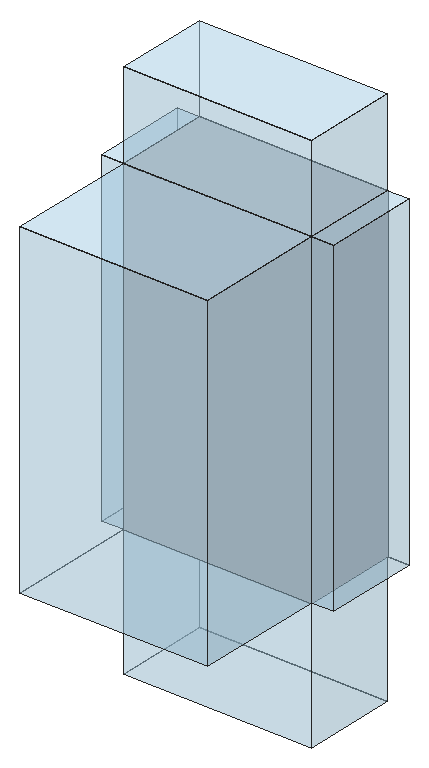
Revit family "Evoflat Reno_RFA", category Mechanical Equipment, Revit 2019
Family settings
  Round Connector Dimension = Use Diameter
  Part Type = Normal
  OmniClass Number = 23.75.00.00
  OmniClass Title = Climate Control (HVAC)
  Work Plane-Based = No
  Always vertical = Yes
  Cut with Voids When Loaded = No
  Shared = No
  Room Calculation Point = No
Parameters (values of type "Evoflat Reno Type 1 230V_145B4102")
  W_2 = W / 2  # 110 mm
  W = 220 mm
  URL = "https://store.danfoss.com/en/Climate-Solutions-for-heating/Stations/Direct-Heating-and-Domestic-Hot-Water/c/4055?q=%3Arelevance%3Adanfoss_producttypehierarchydesc%3Ab21c923435e1ffe8e10bcd1a4ce386e2855a2143&text="
  Type Image = <None>
  Type Comments = ""
  Pressure Drop (HE) [instance] = 0.0 Pa
  Pressure Drop (DH) [instance] = 0.0 Pa
  Model = "145B4102"
  Manufacturer = "Danfoss"  # constant formula
  Maintainance Zone Top Visibility [instance] = yes
  Maintainance Zone Right Visibility [instance] = yes
  Maintainance Zone Left Visibility [instance] = yes
  Maintainance Zone Front Visibility [instance] = yes
  Maintainance Zone Bottom Visibility [instance] = yes
  L_2 = 217.5 mm
  L2 = 65 mm
  L1 = 42.5 mm
  H_2 = 380 mm
  OD_2 = 15.5 mm
  Flow (HE) [instance] = 0.0 L/s
  Flow (DH) [instance] = 0.0 L/s
  Description = "Evoflat Reno Type 1 230V"
  DCW Flow [instance] = 0.0 L/s
  D = 20 mm
  Con_Angle = 45.00°
  Clearance Zone Top Depth [instance] = 200 mm
  Clearance Zone Front Depth [instance] = 300 mm
  Cleanrance Zone Left/Right Depth [instance] = 50 mm
  Cleanrance Zone Bottom Depth [instance] = 300 mm
  Assembly Code = ""
Types (15, lengths in mm): name | Type Image | Model | Description
  Evoflat Reno Type 1 230V_145B4102 | <None> | "145B4102" | "Evoflat Reno Type 1 230V"
  Evoflat Reno Type 2 230V_145B4103 | Evoflat Reno image.jpg | "145B4103" | "Evoflat Reno Type 2 230V"
  Evoflat Reno Type 3 230V_145B4104 | <None> | "145B4104" | "Evoflat Reno Type 3 230V"
  Evoflat Reno Type 1StS 230V_145B4105 | <None> | "145B4105" | "Evoflat Reno Type 1StS 230V"
  Evoflat Reno Type 2StS 230V_145B4106 | <None> | "145B4106" | "Evoflat Reno Type 2StS 230V"
  Evoflat Reno Type 3StS 230V_145B4107 | <None> | "145B4107" | "Evoflat Reno Type 3StS 230V"
  Evoflat Reno Type 1 24V_145B4108 | <None> | "145B4108" | "Evoflat Reno Type 1 24V"
  Evoflat Reno Type 2 24V_145B4109 | <None> | "145B4109" | "Evoflat Reno Type 2 24V"
  Evoflat Reno Type 3 24V_145B4110 | <None> | "145B4110" | "Evoflat Reno Type 3 24V"
  Evoflat Reno Type 1StS 24V_145B4111 | <None> | "145B4111" | "Evoflat Reno Type 1StS 24V"
  Evoflat Reno Type 2StS 24V_145B4112 | <None> | "145B4112" | "Evoflat Reno Type 2StS 24V"
  Evoflat Reno Type 3StS 24V_145B4113 | <None> | "145B4113" | "Evoflat Reno Type 3StS 24V"
  Evoflat Reno Type 1 230V_TWA_BP_145B4120 | <None> | "145B4120" | "Evoflat Reno Type 1 230V_TWA_BP"
  Evoflat Reno Type 2 230V_TWA_BP_145B4121 | <None> | "145B4121" | "Evoflat Reno Type 2 230V_TWA_BP"
  Evoflat Reno Type 3 230V_TWA_BP_145B4122 | <None> | "145B4122" | "Evoflat Reno Type 3 230V_TWA_BP"
Reference planes
  plane 1 "Center (Front/Back)": y = 0
  plane 2: z = 0
  plane 3 "Center (Left/Right)": x = 0
  plane 4: y = -110
  plane 5: x = -217.5
  plane 6: x = 217.5
  plane 7: z = 380
  plane 8: z = -380
  plane 9: through (-175, -110, 1200) normal (-0.7071, -0.7071, 0)
  plane 10: through (-175, -110, 1200) normal (0.7071, -0.7071, 0)
  plane 11: x = -190.5
  plane 12: x = -159.5
  plane 13: y = -94.5
  plane 14: y = -125.5
  plane 15: through (-148.54, -114.54, 1200) normal (-0.7071, -0.7071, 0)
  plane 16: through (-170.46, -136.46, 1200) normal (-0.7071, -0.7071, 0)
  plane 17: through (-170.46, -83.54, 1200) normal (0.7071, -0.7071, 0)
  plane 18: through (-148.54, -105.46, 1200) normal (0.7071, -0.7071, 0)
  plane 19: through (-110, -110, 1200) normal (-0.7071, -0.7071, 0)
  plane 20: through (-110, -110, 1200) normal (0.7071, -0.7071, 0)
  plane 21: x = -125.5
  plane 22: x = -94.5
  plane 23: y = -94.5
  plane 24: y = -125.5
  plane 25: through (-83.54, -114.54, 1200) normal (-0.7071, -0.7071, 0)
  plane 26: through (-105.46, -136.46, 1200) normal (-0.7071, -0.7071, 0)
  plane 27: through (-105.46, -83.54, 1200) normal (0.7071, -0.7071, 0)
  plane 28: through (-83.54, -105.46, 1200) normal (0.7071, -0.7071, 0)
  plane 29: through (-45, -110, 1200) normal (-0.7071, -0.7071, 0)
  plane 30: through (-45, -110, 1200) normal (0.7071, -0.7071, 0)
  plane 31: x = -60.5
  plane 32: x = -29.5
  plane 33: y = -94.5
  plane 34: y = -125.5
  plane 35: through (-18.54, -114.54, 1200) normal (-0.7071, -0.7071, 0)
  plane 36: through (-40.46, -136.46, 1200) normal (-0.7071, -0.7071, 0)
  plane 37: through (-40.46, -83.54, 1200) normal (0.7071, -0.7071, 0)
  plane 38: through (-18.54, -105.46, 1200) normal (0.7071, -0.7071, 0)
  plane 39: through (20, -110, 1200) normal (-0.7071, -0.7071, 0)
  plane 40: through (20, -110, 1200) normal (0.7071, -0.7071, 0)
  plane 41: x = 4.5
  plane 42: x = 35.5
  plane 43: y = -94.5
  plane 44: y = -125.5
  plane 45: through (46.46, -114.54, 1200) normal (-0.7071, -0.7071, 0)
  plane 46: through (24.54, -136.46, 1200) normal (-0.7071, -0.7071, 0)
  plane 47: through (24.54, -83.54, 1200) normal (0.7071, -0.7071, 0)
  plane 48: through (46.46, -105.46, 1200) normal (0.7071, -0.7071, 0)
  plane 49: through (85, -110, 1200) normal (-0.7071, -0.7071, 0)
  plane 50: through (85, -110, 1200) normal (0.7071, -0.7071, 0)
  plane 51: x = 69.5
  plane 52: x = 100.5
  plane 53: y = -94.5
  plane 54: y = -125.5
  plane 55: through (111.46, -114.54, 1200) normal (-0.7071, -0.7071, 0)
  plane 56: through (89.54, -136.46, 1200) normal (-0.7071, -0.7071, 0)
  plane 57: through (89.54, -83.54, 1200) normal (0.7071, -0.7071, 0)
  plane 58: through (111.46, -105.46, 1200) normal (0.7071, -0.7071, 0)
  plane 59: through (150, -110, 1200) normal (-0.7071, -0.7071, 0)
  plane 60: through (150, -110, 1200) normal (0.7071, -0.7071, 0)
  plane 61: x = 134.5
  plane 62: x = 165.5
  plane 63: y = -94.5
  plane 64: y = -125.5
  plane 65: through (176.46, -114.54, 1200) normal (-0.7071, -0.7071, 0)
  plane 66: through (154.54, -136.46, 1200) normal (-0.7071, -0.7071, 0)
  plane 67: through (154.54, -83.54, 1200) normal (0.7071, -0.7071, 0)
  plane 68: through (176.46, -105.46, 1200) normal (0.7071, -0.7071, 0)
Forms (mm)
  Extrusion 1, solid
    sketch origin (0, 0, 0) x (1, 0, 0) y (0, 0, 1)
      loop
        line (-217.5, 380) -> (-217.5, -380) -> (217.5, -380) -> (217.5, 380) -> (-217.5, 380)
    from 0 to 220 <- "W"
  Extrusion 2, solid
    sketch origin (0, 0, 0) x (1, 0, 0) y (0, 1, 0)
      loop
        line (-185.96, -99.04) -> (-190.5, -110) -> (-185.96, -120.96) -> (-175, -125.5) -> (-164.04, -120.96) -> (-159.5, -110) -> (-164.04, -99.04) -> (-175, -94.5) -> (-185.96, -99.04)
    from -381 to -379
  Extrusion 3, solid
    sketch origin (65, 0, 0) x (1, 0, 0) y (0, 1, 0)
      loop
        line (-185.96, -99.04) -> (-190.5, -110) -> (-185.96, -120.96) -> (-175, -125.5) -> (-164.04, -120.96) -> (-159.5, -110) -> (-164.04, -99.04) -> (-175, -94.5) -> (-185.96, -99.04)
    from -381 to -379
  Extrusion 4, solid
    sketch origin (130, 0, 0) x (1, 0, 0) y (0, 1, 0)
      loop
        line (-185.96, -99.04) -> (-190.5, -110) -> (-185.96, -120.96) -> (-175, -125.5) -> (-164.04, -120.96) -> (-159.5, -110) -> (-164.04, -99.04) -> (-175, -94.5) -> (-185.96, -99.04)
    from -381 to -379
  Extrusion 5, solid
    sketch origin (195, 0, 0) x (1, 0, 0) y (0, 1, 0)
      loop
        line (-185.96, -99.04) -> (-190.5, -110) -> (-185.96, -120.96) -> (-175, -125.5) -> (-164.04, -120.96) -> (-159.5, -110) -> (-164.04, -99.04) -> (-175, -94.5) -> (-185.96, -99.04)
    from -381 to -379
  Extrusion 6, solid
    sketch origin (260, 0, 0) x (1, 0, 0) y (0, 1, 0)
      loop
        line (-185.96, -99.04) -> (-190.5, -110) -> (-185.96, -120.96) -> (-175, -125.5) -> (-164.04, -120.96) -> (-159.5, -110) -> (-164.04, -99.04) -> (-175, -94.5) -> (-185.96, -99.04)
    from -381 to -379
  Extrusion 7, solid
    sketch origin (325, 0, 0) x (1, 0, 0) y (0, 1, 0)
      loop
        line (-185.96, -99.04) -> (-190.5, -110) -> (-185.96, -120.96) -> (-175, -125.5) -> (-164.04, -120.96) -> (-159.5, -110) -> (-164.04, -99.04) -> (-175, -94.5) -> (-185.96, -99.04)
    from -381 to -379
  Extrusion 8, solid, visible <- "Maintainance Zone Front Visibility"
    sketch origin (15, -220, 238.394) x (1, 0, 0) y (0, 0, 1)
      loop
        line (-232.5, 141.606) -> (-232.5, -618.394) -> (202.5, -618.394) -> (202.5, 141.606) -> (-232.5, 141.606)
    from 300 <- "Clearance Zone Front Depth" to 0
  Extrusion 9, solid, visible <- "Maintainance Zone Right Visibility"
    sketch origin (0, 0, 0) x (1, 0, 0) y (0, 0, 1)
      loop
        line (217.5, 380) -> (217.5, -380) -> (267.5, -380) -> (267.5, 380) -> (217.5, 380)
    from 220 <- "W" to 0
  Extrusion 10, solid, visible <- "Maintainance Zone Left Visibility"
    sketch origin (0, 0, 0) x (1, 0, 0) y (0, 0, 1)
      loop
        line (-217.5, 380) -> (-267.5, 380) -> (-267.5, -380) -> (-217.5, -380) -> (-217.5, 380)
    from 220 <- "W" to 0
  Extrusion 11, solid, visible <- "Maintainance Zone Top Visibility"
    sketch origin (0, 0, 0) x (1, 0, 0) y (0, 0, 1)
      loop
        line (-217.5, 380) -> (217.5, 380) -> (217.5, 580) -> (-217.5, 580) -> (-217.5, 380)
    from 220 <- "W" to 0
  Extrusion 12, solid, visible <- "Maintainance Zone Bottom Visibility"
    sketch origin (0, 0, 0) x (1, 0, 0) y (0, 0, 1)
      loop
        line (-217.5, -380) -> (-217.5, -680) -> (217.5, -680) -> (217.5, -380) -> (-217.5, -380)
    from 220 <- "W" to 0
Lines and regions (mm)
  reference lines
    curve 1: line (-175, 249.077, 0) -> (-175, -370.923, 0)
    curve 2: line (-110, 249.077, 0) -> (-110, -370.923, 0)
    curve 3: line (-45, 249.077, 0) -> (-45, -370.923, 0)
    curve 4: line (20, 249.077, 0) -> (20, -370.923, 0)
    curve 5: line (85, 249.077, 0) -> (85, -370.923, 0)
    curve 6: line (150, 249.077, 0) -> (150, -370.923, 0)
Dimensions and locks
  "W_2": plane 4 to plane 1 "Center (Front/Back)"
  "L_2": plane 6 to plane 3 "Center (Left/Right)" to plane 5
  "H_2": plane 7 to level to plane 8
  "L1": plane 5 to curve 1
  "L2": curve 1 to curve 2 to curve 3 to curve 4 to curve 5 to curve 6
  "OD_2": plane 18 to plane 10 to plane 17
  "OD_2": plane 16 to plane 9 to plane 15
  "OD_2": plane 28 to plane 20 to plane 27
  "OD_2": plane 26 to plane 19 to plane 25
  "OD_2": plane 38 to plane 30 to plane 37
  "OD_2": plane 36 to plane 29 to plane 35
  "OD_2": plane 48 to plane 40 to plane 47
  "OD_2": plane 46 to plane 39 to plane 45
  "OD_2": plane 58 to plane 50 to plane 57
  "OD_2": plane 56 to plane 49 to plane 55
  "OD_2": plane 68 to plane 60 to plane 67
  "OD_2": plane 66 to plane 59 to plane 65
  "Cleanrance Zone Left/Right Depth": Extrusion 9 sketch curve to Extrusion 8
  "H_2": Extrusion 9 sketch curve to level to Extrusion 9 sketch curve
  "H_2": Extrusion 10 sketch curve to level to Extrusion 10 sketch curve
  "Cleanrance Zone Left/Right Depth": Extrusion 10 sketch curve to Extrusion 8
  "L_2": Extrusion 11 sketch curve to plane 3 "Center (Left/Right)" to Extrusion 11 sketch curve
  "Clearance Zone Top Depth": Extrusion 11 sketch curve to Extrusion 8
  "L_2": Extrusion 12 sketch curve to plane 3 "Center (Left/Right)" to Extrusion 12 sketch curve
  aligned and locked: level to plane 2
  aligned and locked: Extrusion 8 sketch curve to Extrusion 1  (x4)
Automatic sketch dimensions
  Extrusion 1 sketch curve to plane 5 = 0 mm
  Extrusion 1 sketch curve to plane 6 = 0 mm
  Extrusion 1 sketch curve to plane 8 = 0 mm
  Extrusion 1 sketch curve to plane 7 = 0 mm
  Extrusion 2 sketch curve to Extrusion 2 sketch curve = 4.54 mm  (x6)
  Extrusion 2 sketch curve to Extrusion 2 sketch curve = 10.96 mm  (x8)
  Extrusion 3 sketch curve to Extrusion 3 sketch curve = 4.54 mm  (x6)
  Extrusion 3 sketch curve to Extrusion 3 sketch curve = 10.96 mm  (x8)
  Extrusion 4 sketch curve to Extrusion 4 sketch curve = 4.54 mm  (x6)
  Extrusion 4 sketch curve to Extrusion 4 sketch curve = 10.96 mm  (x8)
  Extrusion 5 sketch curve to Extrusion 5 sketch curve = 4.54 mm  (x6)
  Extrusion 5 sketch curve to Extrusion 5 sketch curve = 10.96 mm  (x8)
  Extrusion 6 sketch curve to Extrusion 6 sketch curve = 4.54 mm  (x6)
  Extrusion 6 sketch curve to Extrusion 6 sketch curve = 10.96 mm  (x8)
  Extrusion 7 sketch curve to Extrusion 7 sketch curve = 4.54 mm  (x6)
  Extrusion 7 sketch curve to Extrusion 7 sketch curve = 10.96 mm  (x8)
  Extrusion 7 sketch curve to plane 61 = 0 mm
  Extrusion 7 sketch curve to plane 64 = 0 mm
  Extrusion 2 sketch curve to plane 11 = 0 mm
  Extrusion 2 sketch curve to plane 14 = 0 mm
  Extrusion 3 sketch curve to plane 21 = 0 mm
  Extrusion 3 sketch curve to plane 24 = 0 mm
  Extrusion 4 sketch curve to plane 31 = 0 mm
  Extrusion 4 sketch curve to plane 34 = 0 mm
  Extrusion 5 sketch curve to plane 41 = 0 mm
  Extrusion 5 sketch curve to plane 44 = 0 mm
  Extrusion 6 sketch curve to plane 51 = 0 mm
  Extrusion 6 sketch curve to plane 54 = 0 mm
  curve 6 to plane 6 = 67.5 mm
  curve 6 to plane 4 = 260.923 mm
  curve 1 to plane 4 = 260.923 mm
  curve 4 to curve 6 = 0 mm
  curve 1 to curve 2 = 0 mm  (x2)
  curve 3 to curve 4 = 0 mm  (x2)
  curve 4 to curve 5 = 0 mm  (x2)
  curve 2 to plane 1 "Center (Front/Back)" = 249.077 mm
  curve 2 to curve 5 = 0 mm
  curve 5 to curve 6 = 0 mm
  Extrusion 9 sketch curve to plane 6 = 0 mm
  Extrusion 9 sketch curve to plane 8 = 0 mm
  Extrusion 10 sketch curve to plane 5 = 0 mm
  Extrusion 10 sketch curve to plane 8 = 0 mm
  Extrusion 11 sketch curve to plane 5 = 0 mm
  Extrusion 11 sketch curve to plane 7 = 0 mm
  Extrusion 12 sketch curve to plane 5 = 0 mm
  Extrusion 12 sketch curve to plane 8 = 0 mm
  Extrusion 12 sketch curve to plane 8 = 300 mm
Connectors
  piping at (-175, -110, -381), diameter 20, driven by "Pressure Drop (HE)", driven by "D", driven by "Flow (HE)"
    settings: on Extrusion 2, index 1, connector inside diameter 609.6 mm, connector length 0 mm, flow factor 0, pipe flow 0.0 L/s, pressure drop 0.0 Pa, fitting loss kfactor 0, connector angle 0.00°, fixture units 0, engagement length 0 mm, angle of deflection 0.00°, flow configuration 1, flow direction 2, fitting loss method 4, system type 7, joint type 0, gender type 0, connector reference index 2, connector utility 0, adjustable connector no, is connector primary yes, connector description ""
  piping at (-45, -110, -381), diameter 20, driven by "Pressure Drop (DH)", driven by "D", driven by "Flow (DH)"
    settings: on Extrusion 4, index 2, connector inside diameter 609.6 mm, connector length 0 mm, flow factor 0, pipe flow 0.0 L/s, pressure drop 0.0 Pa, fitting loss kfactor 0, connector angle 0.00°, fixture units 0, engagement length 0 mm, angle of deflection 0.00°, flow configuration 1, flow direction 1, fitting loss method 4, system type 7, joint type 0, gender type 0, connector reference index 1, connector utility 0, adjustable connector no, is connector primary no, connector description ""
  piping at (20, -110, -381), diameter 20, driven by "D"
    settings: on Extrusion 5, index 3, connector inside diameter 609.6 mm, connector length 0 mm, flow factor 0, pipe flow 0.0 L/s, pressure drop 0.0 Pa, fitting loss kfactor 0, connector angle 0.00°, fixture units 0, engagement length 0 mm, angle of deflection 0.00°, flow configuration 0, flow direction 2, fitting loss method 0, system type 8, joint type 0, gender type 0, connector reference index 4, connector utility 0, adjustable connector no, is connector primary no, connector description ""
  piping at (150, -110, -381), diameter 20, driven by "D"
    settings: on Extrusion 7, index 4, connector inside diameter 609.6 mm, connector length 0 mm, flow factor 0, pipe flow 0.0 L/s, pressure drop 0.0 Pa, fitting loss kfactor 0, connector angle 0.00°, fixture units 0, engagement length 0 mm, angle of deflection 0.00°, flow configuration 0, flow direction 1, fitting loss method 0, system type 8, joint type 0, gender type 0, connector reference index 3, connector utility 0, adjustable connector no, is connector primary no, connector description ""
  piping at (-110, -110, -381), diameter 20, driven by "D"
    settings: on Extrusion 3, index 5, connector inside diameter 609.6 mm, connector length 0 mm, flow factor 0, pipe flow 0.0 L/s, pressure drop 0.0 Pa, fitting loss kfactor 0, connector angle 0.00°, fixture units 0, engagement length 0 mm, angle of deflection 0.00°, flow configuration 0, flow direction 2, fitting loss method 0, system type 19, joint type 0, gender type 0, connector reference index -1, connector utility 0, adjustable connector no, is connector primary no, connector description ""
  piping at (85, -110, -381), diameter 20, driven by "D", driven by "DCW Flow"
    settings: on Extrusion 6, index 6, connector inside diameter 609.6 mm, connector length 0 mm, flow factor 0, pipe flow 0.0 L/s, pressure drop 0.0 Pa, fitting loss kfactor 0, connector angle 0.00°, fixture units 0, engagement length 0 mm, angle of deflection 0.00°, flow configuration 0, flow direction 1, fitting loss method 0, system type 20, joint type 0, gender type 0, connector reference index -1, connector utility 0, adjustable connector no, is connector primary no, connector description ""
